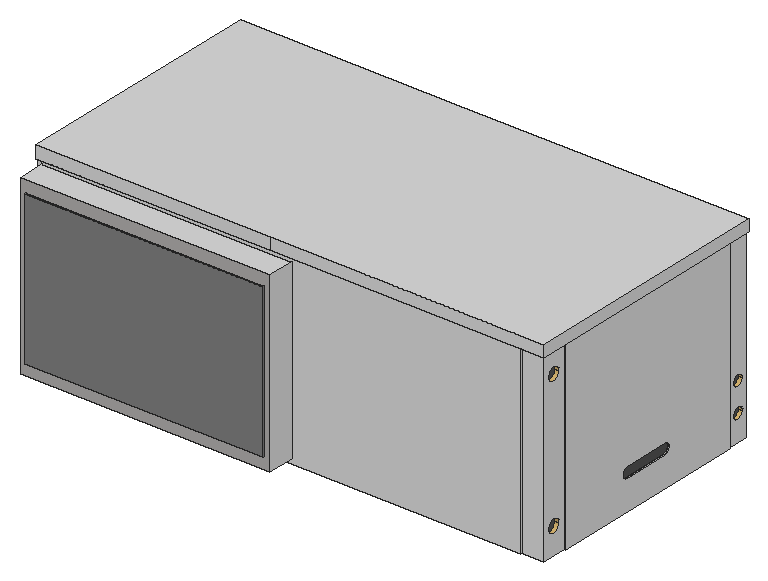
Revit family "Heat Pump-Horizontal-Elec Heated-Carrier-Packaged-0.5-6 tons", category Mechanical Equipment, Revit 2019
Family settings
  Round Connector Dimension = Use Radius
  Part Type = Normal
  OmniClass Number = 23.75.10.21.17
  OmniClass Title = Water-Source Heat Pumps
  Work Plane-Based = No
  Always vertical = Yes
  Cut with Voids When Loaded = No
  Shared = No
  Room Calculation Point = No
Parameters (values of type "50PSH-007")
  Width = 21.750"
  Water Radius = 3/8"
  Water Out Offset = 13.870"
  Water In Offset = 2.250"
  Water Hole Radius = Water Radius + 0.197"  # 0.572"
  Water Diameter = Water Radius * 2  # 3/4"
  Voltage [instance] = 208 V
  URL = "www.carrier.com"
  Tonnage = 0.5
  Supply Air Nominal Capacity [instance] = 0 CFM
  Straight Through [instance] = not(End Blow)  # no
  SEER = 0
  SA Z Offset STRH = 4.620"
  SA Z Offset STLH = 4.620"
  SA Z Offset Label [instance] = if(and(End Blow, Left RA), SA Z Offset STRH + SA Height / 2, if(and(End Blow, Right RA), SA Z Offset STLH + SA Height / 2, if(and(Straight Through, Left RA), SA Z Offset STLH + SA Height / 2, SA Z Offset STRH + SA Height / 2)))  # 8.495"
  SA Y Offset ST = 3.500"
  SA X Offset Label [instance] = if(and(End Blow, Left RA), Width - (SA X Offset EB + SA Width / 2), if(and(End Blow, Right RA), SA X Offset EB + SA Width / 2, Width / 2))  # 12.375"
  SA Y Offset Label [instance] = if(End Blow, 1.000", SA Y Offset ST + SA Width / 2)  # 1.000"
  SA X Offset EB = 3.500"
  SA Width = 11 3/4"
  SA Height = 7 3/4"
  Right RA [instance] = not(Left RA)  # no
  Return Air Flow [instance] = 0 CFM
  RA Y Offset ST = 0.500"
  RA Width = 20 1/4"
  RA Height = 13"
  RA Filter Width = 21.250"
  RA Filter Height = 15.000"
  Power Factor [instance] = 0.8
  Offset [instance] = if(Base Rail Visibility, Base Height, 0.000")  # 0.000"
  Number of Poles [instance] = 1
  Nominal Capacity = 7000.0 Btu/h
  Model = "50PSH"
  Manufacturer = "Carrier Corporation"
  Load Classification [instance] = HVAC
  Rail Thickness = 0.375"  # constant formula
  Length 37 [instance] = if(Left RA, 50.000" - Width / 2 - 1.000", 50.000" + Width / 2)  # 38.125"
  Length 36 [instance] = if(Left RA, 50.000" + Width / 2, 50.000" - Width / 2 - 2.300")  # 60.875"
  Length 5 = RA Filter Width + 4.000"  # 25.250"
  Length 28 [instance] = if(End Blow, 0.000", Width)  # 0.000"
  Length 31 [instance] = if(Left RA, 0.000", Width)  # 0.000"
  Length 35 [instance] = if(Left RA, Length 11, 0.000" - Length 11)  # -0.125"
  Length 34 [instance] = if(Left RA, Length 10, 0.000" - Length 10)  # 21.125"
  Length 13 = 0.000" - Length 16  # -3.875"
  Length 16 = SA Height / 2  # 3.875"
  Length 38 [instance] = if(Straight Through, Width / 2, 1.000")  # 1.000"
  Length 9 = 1.000" + ((Height - 1.000") - RA Filter Height) / 2  # 1.375"
  Length 8 = 1.350"
  Length 7 [instance] = if(Left RA, Length 11, 0.000" - (Length 11))  # -0.125"
  Length 6 [instance] = if(Left RA, Length 10, Length 3)  # 21.125"
  Length 4 = 0.000" - Length 3  # -19.625"
  Length 33 = 2.000"  # constant formula
  Length 32 [instance] = if(Left RA, Length 35 - 1.000", Length 35)  # -1.125"
  Length 30 = Width - 0.200"  # 21.550"
  Length 3 = (Length / 2) - Length 33  # 19.625"
  Length 29 [instance] = if(Left RA, Length 33, RA Y Offset ST)  # 2.000"
  Length 27 [instance] = 0.000" - ((Length / 2) - Length 33)  # -19.625"
  Length 26 [instance] = if(Left RA, RA Y Offset ST, Length 33)  # 0.500"
  Length 25 [instance] = if(Clearance Zones, 0.000", 1.000")  # 1.000"
  Length 24 [instance] = if(Left RA, Width, 0.000")  # 21.750"
  Length 23 [instance] = if(Left RA, Width - Water Hole Radius * 4 - Length 33, Water Hole Radius * 4 + Length 33)  # 17.462"
  Length 22 [instance] = Length 1 * 2  # 2.000"
  Length 21 [instance] = Water Hole Radius * 4  # 2.288"
  Length 20 [instance] = 50.000" - Width / 2 + Length 1  # 40.125"
  Length 2 = Width / 2  # 10.875"
  Length 19 [instance] = 50.000" + Width / 2 - Water Hole Radius * 2  # 59.731"
  Length 18 [instance] = if(Left RA, 1.100", 0.000")  # 1.100"
  Length 17 [instance] = if(Left RA, 0.000", 1.100")  # 0.000"
  Length 15 [instance] = 0.000" - (RA Width - Length 14)  # 0.375"
  Length 14 [instance] = if(Right RA, Length 35 - ((RA Filter Width - RA Width) / 2), Length 34 - ((RA Filter Width - RA Width) / 2))  # 20.625"
  Length 12 = Length 9 + ((RA Filter Height - RA Height) / 2)  # 2.375"
  Length 11 = 0.000" - (RA Filter Width - Length 10)  # -0.125"
  Length 10 = Length / 2 - RA Y Offset ST  # 21.125"
  Length 1 = Knockout Radius + 0.500"  # 1.000"
  Length = 43.250"
  Left RA [instance] = yes
  Knockout Radius = 0.500"
  Knockout 2 Offset = 4.750"
  Knockout 1 Offset = 2.250"
  Highlight Material 4 = Effect - Carrier - Black
  Highlight Material 3 = Metal - Carrier - Brass
  Highlight Material 2 = Metal - Carrier - Steel Galvanized
  Highlight Material 1 = Metal - Carrier - Finned
  Height = 16.750"
  Heating Capacity = 8800.0 Btu/h
  End Blow [instance] = yes
  EER = 15.7
  Drain Radius = 3/8"
  Drain Offset = 1.000"
  Drain Hole Radius = Drain Radius + 0.197"  # 0.572"
  Drain Diameter = Drain Radius * 2  # 3/4"
  Cooling Capacity = 6800.0 Btu/h
  Clearance Zones [instance] = no
  Clearance Top [instance] = 6.000"
  Clearance Right [instance] = 6.000"
  Clearance Material = Clearance Zone
  Clearance Left [instance] = 6.000"
  Clearance Front [instance] = 36.000"
  Clearance Back [instance] = 6.000"
  Base Rail Visibility [instance] = and(Base Rail, Tonnage > 2.4)  # no
  Base Rail [instance] = yes
  Base Height = 0.750"
  Body Material = Metal - Carrier - White Paint Finish
  Assembly Code = "D3050200"
  Apparent Load [instance] = 0 VA
  Angle 3 [instance] = if(and(Straight Through, Left RA), 0.00°, if(and(Straight Through, Right RA), 180.00°, 90.00°))  # 90.00°
  Angle 2 [instance] = if(Straight Through, 0.00°, 180.00°)  # 180.00°
  Angle 1 [instance] = if(Left RA, 0.00°, 180.00°)  # 0.00°
  Air Pressure Drop [instance] = 0.00 in-wg
Reference planes (in)
  plane 1 "Center (Front/Back)": y = 0
  plane 2: z = 0
  plane 3 "Center (Left/Right)": x = 0
  plane 4 "Back": x = -21.625
  plane 5 "Front": x = 21.625
  plane 6 "Right": y = 10.875
  plane 7 "Left": y = -10.875
  plane 8 "Bottom": z = 0
  plane 9 "Top": z = 16.75
  plane 10 "lid top": z = 16.65
  plane 11 "handle 1 top": z = 3.5
  plane 12 "handle 1 bottom": z = 2.5
  plane 13 "frame right": y = 8.875
  plane 14 "frame left": y = -8.587
  plane 15 "body right": y = 10.775
  plane 16 "body left": y = -10.775
  plane 17 "body back": x = -21.525
  plane 18: x = 21.525
  plane 19 "elec KO 1 cl": z = 2.25
  plane 20 "elec KO 2": z = 4.75
  plane 21: y = -2
  plane 22: y = 2
  plane 23 "water in cl": z = 2.25
  plane 24 "drain cl": z = 1.3
  plane 25 "wtaer out cl": z = 13.87
  plane 26 "pivot": y = 50
  plane 27 "clearance right": y = 16.875
  plane 28 "clearance left": y = -16.875
  plane 29: x = 57.625
  plane 30: x = -27.625
  plane 31 "clearance top": z = 22.75
  plane 32 "drain x cl": y = -6.587
  plane 33 "drain z cl": z = 1.3
  plane 34 "bracket top btm": z = 0.65
  plane 35 "bracket top": z = 0.75
  plane 36 "bracket bottom": z = 0
  plane 37 "body top": z = 15.65
  plane 38 "sa y cl": x = -20.625
  plane 39 "sa x cl": y = 1.5
  plane 40 "sa z cl": z = 8.255
  plane 41 "ra dummy": y = -10.875
  plane 42 "sa dummy ST": y = 10.875
  plane 43: z = 8.255
  plane 44 "water connection dummy": y = -10.875
  plane 45 "elec knockout dummy cl": y = 10.875
  plane 46: z = 8.255
  plane 47: z = 8.495
  plane 48: y = -10.875
  plane 49: y = 10.875
  plane 50: x = -21.625
  plane 51: x = 21.625
  plane 52: z = 16.75
  plane 53: z = 8.03922
  plane 54: y = 1.5
  plane 55 "water cl": y = -9.731
  plane 56 "elec ko cl": y = 9.875
  plane 57: y = 8.587
  plane 58: z = 8.255
  plane 59 "base bottom": z = -0.75
Forms (in)
  Extrusion 1, solid, material "Metal - Carrier - White Paint Finish" <- "Body Material", detail levels medium+fine
    sketch origin (0, 0, 0) x (1, 0, 0) y (0, 1, 0)
      loop
        line (-21.525, 10.775) -> (-21.525, -10.775) -> (21.525, -10.775) -> (21.525, 10.775) -> (-21.525, 10.775)
    from 0 to 15.65
  Extrusion 2, solid, material "Metal - Carrier - White Paint Finish" <- "Body Material", detail levels fine
    sketch origin (0, 0, 0) x (1, 0, 0) y (0, 0, 1)
      loop
        line (21.525, 15.65) -> (21.525, 0) -> (21.625, 0) -> (21.625, 15.65) -> (21.525, 15.65)
    from -8.875 to 8.587
  Extrusion 3, void
    sketch origin (21.625, 48.47996, 48) x (0, 1, 0) y (0, 0, 1)
      loop
        arc (-50.47996, -44.5) -> (-50.97996, -45) -> (-50.47996, -45.5) r 0.5
        line (-50.47996, -45.5) -> (-46.47996, -45.5)
        arc (-46.47996, -45.5) -> (-45.97996, -45) -> (-46.47996, -44.5) r 0.5
        line (-46.47996, -44.5) -> (-50.47996, -44.5)
    from 0 to -0.25
  Extrusion 4, solid, material "Metal - Carrier - White Paint Finish" <- "Body Material", detail levels medium+fine
    sketch origin (0, 0, 16.75) x (0, -1, 0) y (0, 0, 1)
      loop
        line (13.175, -1.375) -> (10.875, -1.375) -> (10.875, -16.375) -> (13.175, -16.375) -> (13.175, -1.375)
    from 21.125 <- "Length 34" to -0.125 <- "Length 35"
  Extrusion 5, solid, material "Metal - Carrier - Finned" <- "Highlight Material 1", detail levels fine
    sketch origin (0, 0, 16.75) x (0, -1, 0) y (0, 0, 1)
      loop
        line (13.275, -2.375) -> (13.175, -2.375) -> (13.175, -15.375) -> (13.275, -15.375) -> (13.275, -2.375)
    from 20.625 <- "Length 14" to 0.375 <- "Length 15"
  Extrusion 6, solid, detail levels coarse
    sketch origin (0, 0, 0) x (1, 0, 0) y (0, 1, 0)
      loop
        line (-21.625, 10.875) -> (-21.625, -10.875) -> (21.625, -10.875) -> (21.625, 10.875) -> (-21.625, 10.875)
    from 0 to 16.75
  Extrusion 7, solid, detail levels coarse
    sketch origin (0, 0, 16.75) x (0, -1, 0) y (0, 0, 1)
      loop
        line (13.175, -1.375) -> (10.875, -1.375) -> (10.875, -16.375) -> (13.175, -16.375) -> (13.175, -1.375)
    from 21.125 <- "Length 34" to -0.125 <- "Length 35"
  Extrusion 8, void
    sketch origin (-21.625, 0, 0) x (0, 1, 0) y (0, 0, 1)
      loop
        circle (-6.587, 1.3) r 0.572
    from 0 to 0.5
  Extrusion 9, solid, material "Metal - Carrier - White Paint Finish" <- "Body Material", detail levels medium+fine
    sketch origin (0, 0, 0) x (1, 0, 0) y (0, 1, 0)
      loop
        line (-21.625, 10.875) -> (-21.625, -10.875) -> (-1.73387, -10.875) -> (21.625, -10.875) -> (21.625, 10.875) -> (-2.60341, 10.875) -> (-21.625, 10.875)
    from 15.65 to 16.65
  Extrusion 10, solid, material "Metal - Carrier - White Paint Finish" <- "Body Material", detail levels medium+fine
    sketch origin (-20.625, 1.5, 8.255) x (-1, 0, 0) y (0, -1, 0)
      loop
        line (2, 5.875) -> (1, 5.875) -> (1, -5.875) -> (2, -5.875) -> (2, 5.875)
    from -3.875 <- "Length 13" to 3.875 <- "Length 16"
  Extrusion 11, solid, material "Clearance Zone" <- "Clearance Material", visible <- "Clearance Zones"
    sketch origin (0, 0, 0) x (1, 0, 0) y (0, 1, 0)
      loop
        line (-20.625, 16.875) -> (-20.625, 9.875) -> (-27.625, 9.875) -> (-27.625, -9.875) -> (-20.625, -9.875) -> (-20.625, -16.875) -> (20.625, -16.875) -> (20.625, -9.875) -> (57.625, -9.875) -> (57.625, 9.875) -> (20.625, 9.875) -> (20.625, 16.875) -> (-20.625, 16.875)
    from 0 to 22.75
  Extrusion 12, solid, detail levels coarse
    sketch origin (-20.625, 1.5, 8.255) x (-1, 0, 0) y (0, -1, 0)
      loop
        line (2, 5.875) -> (1, 5.875) -> (1, -5.875) -> (2, -5.875) -> (2, 5.875)
    from -3.875 <- "Length 13" to 3.875 <- "Length 16"
  Extrusion 13, void
    sketch origin (21.625, 48.47996, 48) x (0, 1, 0) y (0, 0, 1)
      loop
        circle (-58.21096, -45.75) r 0.572
      loop
        circle (-58.21096, -34.13) r 0.572
      loop
        circle (-38.60496, -43.25) r 0.5
      loop
        circle (-38.60496, -45.75) r 0.5
    from 0 to -0.5
  Extrusion 14, solid, material "Metal - Carrier - White Paint Finish" <- "Body Material", detail levels fine
    sketch origin (0, 0, 0) x (1, 0, 0) y (0, 0, 1)
      loop
        line (-21.625, 15.65) -> (-21.625, 0) -> (-21.525, 0) -> (-21.525, 15.65) -> (-21.625, 15.65)
    from -8.587 to 8.587
  Extrusion 15, solid, material "Metal - Carrier - White Paint Finish" <- "Body Material", detail levels fine
    sketch origin (0, 0, 0) x (1, 0, 0) y (0, 1, 0)
      loop
        line (-19.625, 10.775) -> (19.625, 10.775) -> (19.625, 10.875) -> (-19.625, 10.875) -> (-19.625, 10.775)
      loop
        line (-21.125, -10.875) -> (19.625, -10.875) -> (19.625, -10.775) -> (-21.125, -10.775) -> (-21.125, -10.875)
    from 0 to 15.65
  Sweep 16, solid, material "Metal - Carrier - Steel Galvanized" <- "Highlight Material 2", visible <- "Base Rail Visibility", detail levels fine
    path origin (0, 0, -0.75) x (-1, 0, 0) y (0, -1, 0)
      loop
        line (21.25, -10.5) -> (21.25, 10.5) -> (-21.25, 10.5) -> (-21.25, -10.5) -> (21.25, -10.5)
    profile origin (0, 10.5, -0.75) x (0, 1, 0) y (0, 0, 1)
      loop
        line (0, 0.75) -> (0, 0) -> (0.375, 0) -> (0.375, 0.1) -> (0.1, 0.1) -> (0.1, 0.65) -> (0.375, 0.65) -> (0.375, 0.75) -> (0, 0.75)
  Extrusion 17, solid, material "Metal - Carrier - Steel Galvanized" <- "Highlight Material 2", visible <- "Base Rail Visibility", detail levels medium
    sketch origin (0, 0, -0.75) x (-1, 0, 0) y (0, -1, 0)
      loop
        line (21.625, -10.875) -> (21.625, 10.875) -> (-21.625, 10.875) -> (-21.625, -10.875) -> (21.625, -10.875)
    from 0 to 0.75 <- "Base Height"
  Extrusion 18, solid, visible <- "Base Rail Visibility", detail levels coarse
    sketch origin (0, 0, -0.75) x (-1, 0, 0) y (0, -1, 0)
      loop
        line (21.625, -10.875) -> (21.625, 10.875) -> (-21.625, 10.875) -> (-21.625, -10.875) -> (21.625, -10.875)
    from 0 to 0.75 <- "Base Height"
Cuts and joins
  Extrusion 3, Extrusion 8 cuts Extrusion 2
  Extrusion 3, Extrusion 8, Extrusion 13 cuts Extrusion 1
  Extrusion 8 cuts Extrusion 14
Lines and regions (in)
  Masking region 1
    outline origin (0, 0, 16.75) x (0, -1, 0) y (1, 0, 0)
      loop
        line (10.875, 0.125) -> (10.875, -21.125) -> (13.175, -21.125) -> (13.175, 0.125) -> (10.875, 0.125)
  Masking region 2
    outline origin (0, 0, 16.65) x (0, -1, 0) y (1, 0, 0)
      loop
        line (10.875, 21.625) -> (-10.875, 21.625) -> (-10.875, -21.625) -> (10.875, -21.625) -> (10.875, 21.625)
  Masking region 3, detail levels coarse
    outline origin (0, 0, 0) x (0, 1, 0) y (0, 0, 1)
      loop
        line (-10.875, 0) -> (10.875, 0) -> (10.875, 16.75) -> (-10.875, 16.75) -> (-10.875, 0)
  Masking region 4, detail levels medium+fine
    outline origin (0, 0, 0) x (0, 1, 0) y (0, 0, 1)
      loop
        line (10.775, 16.65) -> (-10.775, 16.65) -> (-10.775, 0) -> (10.775, 0) -> (10.775, 16.65)
  Masking region 5, detail levels fine
    outline origin (0, 0, 0) x (0, 1, 0) y (0, 0, 1)
      loop
        line (-10.775, 15.65) -> (-10.875, 15.65) -> (-10.875, 0) -> (-10.775, 0) -> (-10.775, 15.65)
      loop
        line (10.775, 15.65) -> (10.775, 0) -> (10.875, 0) -> (10.875, 15.65) -> (10.775, 15.65)
  Masking region 6, detail levels coarse
    outline origin (0, 0, 0) x (1, 0, 0) y (0, 0, 1)
      loop
        line (-21.625, 16.75) -> (-21.625, 0) -> (21.625, 0) -> (21.625, 16.75) -> (-21.625, 16.75)
  Masking region 7, detail levels fine
    outline origin (0, 0, 0) x (1, 0, 0) y (0, 0, 1)
      loop
        line (-21.625, 15.65) -> (-21.625, 0) -> (-21.525, 0) -> (-21.525, 15.65) -> (-21.625, 15.65)
      loop
        line (21.625, 0) -> (21.625, 15.65) -> (21.525, 15.65) -> (21.525, 0) -> (21.625, 0)
  Masking region 8
    outline origin (-20.625, 1.5, 8.255) x (-1, 0, 0) y (0, -1, 0)
      loop
        line (1, -5.875) -> (2, -5.875) -> (2, 5.875) -> (1, 5.875) -> (1, -5.875)
  Masking region 9, detail levels medium+fine
    outline origin (0, 0, 0) x (1, 0, 0) y (0, 0, 1)
      loop
        line (-21.525, 15.65) -> (-21.525, 0) -> (21.525, 0) -> (21.525, 15.65) -> (-21.525, 15.65)
  Masking region 10, visible <- "End Blow"
    outline origin (0, 0, 0) x (1, 0, 0) y (0, 0, 1)
      loop
        line (-22.625, 12.13) -> (-22.625, 4.38) -> (-21.625, 4.38) -> (-21.625, 12.13) -> (-22.625, 12.13)
  Masking region 11, detail levels fine
    outline origin (0, -10.875, 0) x (-1, 0, 0) y (0, 0, 1)
      loop
        line (19.625, 16.75) -> (-1.625, 16.75) -> (-1.625, 0) -> (19.625, 0) -> (19.625, 16.75)
      loop
        line (-2.625, 15.65) -> (-19.625, 15.65) -> (-19.625, 0) -> (-2.625, 0) -> (-2.625, 15.65)
  Masking region 12, detail levels fine
    outline origin (0, 10.875, 0) x (-1, 0, 0) y (0, 0, 1)
      loop
        line (19.625, 15.65) -> (2.267, 15.65) -> (2.267, 0) -> (19.625, 0) -> (19.625, 15.65)
      loop
        line (0.267, 15.65) -> (-19.625, 15.65) -> (-19.625, 0) -> (0.267, 0) -> (0.267, 15.65)
  Masking region 13
    outline origin (0, 0, 0) x (0, 1, 0) y (0, 0, 1)
      loop
        line (-13.175, 15.375) -> (-13.175, 0.375) -> (-10.875, 0.375) -> (-10.875, 15.375) -> (-13.175, 15.375)
  Masking region 14, visible <- "Straight Through"
    outline origin (0, 0, 0) x (0, 1, 0) y (0, 0, 1)
      loop
        line (10.875, 12.37) -> (10.875, 4.62) -> (11.875, 4.62) -> (11.875, 12.37) -> (10.875, 12.37)
  Masking region 15, detail levels medium+fine
    outline origin (0, 0, 0) x (1, 0, 0) y (0, 0, 1)
      loop
        line (21.625, 16.65) -> (-21.625, 16.65) -> (-21.625, 15.65) -> (21.625, 15.65) -> (21.625, 16.65)
  Masking region 16, detail levels coarse+medium
    outline origin (0, 0, 0) x (0, 1, 0) y (0, 0, 1)
      loop
        line (-10.875, 0) -> (-10.875, -0.75) -> (10.875, -0.75) -> (10.875, 0) -> (-10.875, 0)
  Masking region 17, visible <- "Base Rail Visibility", detail levels fine
    outline origin (0, 0, 0) x (0, 1, 0) y (0, 0, 1)
      loop
        line (10.875, 0) -> (-10.875, 0) -> (-10.875, -0.1) -> (-10.6, -0.1) -> (-10.6, -0.65) -> (-10.875, -0.65) -> (-10.875, -0.75) -> (10.875, -0.75) -> (10.875, -0.65) -> (10.6, -0.65) -> (10.6, -0.1) -> (10.875, -0.1) -> (10.875, 0)
  Masking region 18, visible <- "Base Rail Visibility", detail levels coarse+medium
    outline origin (0, 10.875, 0) x (-1, 0, 0) y (0, 0, 1)
      loop
        line (21.625, 0) -> (-21.625, 0) -> (-21.625, -0.75) -> (21.625, -0.75) -> (21.625, 0)
  Masking region 19, visible <- "Base Rail Visibility", detail levels fine
    outline origin (0, 10.875, 0) x (-1, 0, 0) y (0, 0, 1)
      loop
        line (-21.625, 0) -> (-21.625, -0.1) -> (-21.35, -0.1) -> (-21.35, -0.65) -> (-21.625, -0.65) -> (-21.625, -0.75) -> (21.625, -0.75) -> (21.625, -0.65) -> (21.35, -0.65) -> (21.35, -0.1) -> (21.625, -0.1) -> (21.625, 0) -> (-21.625, 0)
  reference lines, not visible
    curve 1: line (0, 0, 16.75) -> (0, -10.875, 16.75)
    curve 26: line (-20.625, 1.5, 8.255) -> (-21.625, 1.5, 8.255)
  symbolic lines, detail levels medium+fine
    curve 2: line (21.625, 2, 2.5) -> (21.625, -2, 2.5)
    curve 3: arc (21.625, -2, 2.5) -> (21.625, -2.5, 3) -> (21.625, -2, 3.5) r 0.5
    curve 4: line (21.625, -2, 3.5) -> (21.625, 2, 3.5)
    curve 5: arc (21.625, 2, 3.5) -> (21.625, 2.5, 3) -> (21.625, 2, 2.5) r 0.5
    curve 31: line (0, -10.775, 15.65) -> (0, 10.775, 15.65)
    curve 32: circle (-23.275, -6.587, 1.3) r 0.572 normal (1, 0, 0)
  symbolic lines, style "Clearance Zones", visible <- "Clearance Zones"
    curve 6: line (-27.625, 9.875, 16.75) -> (-20.625, 9.875, 16.75)
    curve 7: line (-20.625, 9.875, 16.75) -> (-20.625, 16.875, 16.75)
    curve 8: line (-20.625, 16.875, 16.75) -> (20.625, 16.875, 16.75)
    curve 9: line (20.625, 16.875, 16.75) -> (20.625, 9.875, 16.75)
    curve 10: line (20.625, 9.875, 16.75) -> (57.625, 9.875, 16.75)
    curve 11: line (57.625, 9.875, 16.75) -> (57.625, -9.875, 16.75)
    curve 12: line (57.625, -9.875, 16.75) -> (20.625, -9.875, 16.75)
    curve 13: line (20.625, -9.875, 16.75) -> (20.625, -16.875, 16.75)
    curve 14: line (20.625, -16.875, 16.75) -> (-20.625, -16.875, 16.75)
    curve 15: line (-20.625, -16.875, 16.75) -> (-20.625, -9.875, 16.75)
    curve 16: line (-20.625, -9.875, 16.75) -> (-27.625, -9.875, 16.75)
    curve 17: line (-27.625, -9.875, 16.75) -> (-27.625, 9.875, 16.75)
    curve 18: line (-27.625, -12, 0) -> (-27.625, -12, 22.75)
    curve 19: line (-27.625, -12, 22.75) -> (57.625, -12, 22.75)
    curve 20: line (57.625, -12, 22.75) -> (57.625, -12, 0)
    curve 21: line (-27.625, -12, 0) -> (57.625, -12, 0)
    curve 22: line (0, 16.875, 22.75) -> (0, -16.875, 22.75)
    curve 23: line (0, 16.875, 0) -> (0, 16.875, 22.75)
    curve 24: line (0, -16.875, 0) -> (0, 16.875, 0)
    curve 25: line (0, -16.875, 22.75) -> (0, -16.875, 0)
  symbolic lines, style "MechanicalEquipment", visible <- "Straight Through"
    curve 27: line (-18.125, 10.875, 12.13) -> (-6.375, 10.875, 12.13)
    curve 28: line (-18.125, 10.875, 4.38) -> (-18.125, 10.875, 12.13)
    curve 29: line (-6.375, 10.875, 4.38) -> (-18.125, 10.875, 4.38)
    curve 30: line (-6.375, 10.875, 12.13) -> (-6.375, 10.875, 4.38)
  symbolic lines, visible <- "End Blow"
    curve 33: line (-23.275, -4.375, 12.13) -> (-23.275, 7.375, 12.13)
    curve 34: line (-23.275, -4.375, 4.38) -> (-23.275, -4.375, 12.13)
    curve 35: line (-23.275, 7.375, 4.38) -> (-23.275, -4.375, 4.38)
    curve 36: line (-23.275, 7.375, 12.13) -> (-23.275, 7.375, 4.38)
  symbolic lines, detail levels fine
    curve 37: line (0, -8.587, 15.65) -> (0, -8.587, 0)
    curve 38: line (0, 8.875, 15.65) -> (0, 8.875, 0)
    curve 39: line (-19.625, -10.875, 16.65) -> (1.625, -10.875, 16.65)
    curve 40: line (-19.625, -10.875, 1.375) -> (1.625, -10.875, 1.375)
    curve 41: line (-19.625, -10.875, 14.375) -> (1.625, -10.875, 14.375)
    curve 42: circle (21.625, -9.731, 13.87) r 0.572 normal (1, 0, 0)
    curve 43: circle (21.625, -9.731, 2.25) r 0.572 normal (1, 0, 0)
    curve 44: circle (21.625, 9.875, 4.75) r 0.5 normal (1, 0, 0)
    curve 45: circle (21.625, 9.875, 2.25) r 0.5 normal (1, 0, 0)
  symbolic lines, visible <- "Base Rail Visibility", detail levels fine
    curve 46: line (0, -10.5, -0.1) -> (0, 10.6, -0.1)
    curve 47: line (0, -10.5, -0.65) -> (0, 10.6, -0.65)
    curve 48: line (-21.35, 10.875, -0.1) -> (21.35, 10.875, -0.1)
    curve 49: line (-21.35, 10.875, -0.65) -> (21.35, 10.875, -0.65)
Dimensions and locks (in)
  equal spacing: plane 4 "Back", plane 3 "Center (Left/Right)", plane 5 "Front"
  "Length": plane 4 "Back" to plane 5 "Front"
  equal spacing: plane 6 "Right", plane 1 "Center (Front/Back)", plane 7 "Left"
  "Width": plane 6 "Right" to plane 7 "Left"
  "Height": plane 9 "Top" to plane 8 "Bottom"
  "Offset": plane 8 "Bottom" to level
  locked: plane 9 "Top" to plane 10 "lid top" at 0.1
  locked: plane 11 "handle 1 top" to plane 12 "handle 1 bottom" at 1
  locked: plane 6 "Right" to plane 15 "body right" at 0.1
  locked: plane 16 "body left" to plane 7 "Left" at 0.1
  locked: plane 4 "Back" to plane 17 "body back" at 0.1
  locked: plane 18 to plane 5 "Front" at 0.1
  "Knockout 1 Offset": plane 19 "elec KO 1 cl" to plane 8 "Bottom"
  "Knockout 2 Offset": plane 20 "elec KO 2" to plane 8 "Bottom"
  locked: plane 1 "Center (Front/Back)" to plane 22 at 2
  locked: plane 21 to plane 1 "Center (Front/Back)" at 2
  "Water In Offset": plane 23 "water in cl" to plane 8 "Bottom"
  "Water Out Offset": plane 25 "wtaer out cl" to plane 8 "Bottom"
  "Length 2": curve 1 to curve 1
  locked: Extrusion 4 sketch curve to Extrusion 4 sketch curve at 2.3
  "Length 9": curve 1 to Extrusion 4 sketch curve
  "RA Filter Height": Extrusion 4 sketch curve to Extrusion 4 sketch curve
  locked: Extrusion 5 sketch curve to Extrusion 5 sketch curve at 0.1
  "Length 12": curve 1 to Extrusion 5 sketch curve
  "RA Height": Extrusion 5 sketch curve to Extrusion 5 sketch curve
  locked: curve 1 to Extrusion 5 sketch curve at 2.3
  locked: Extrusion 7 sketch curve to Extrusion 7 sketch curve at 2.3
  "RA Filter Height": Extrusion 7 sketch curve to Extrusion 7 sketch curve
  "Length 9": Extrusion 7 sketch curve to curve 1
  locked: plane 1 "Center (Front/Back)" to plane 26 "pivot" at 50  (x2)
  "Length 25": curve 6 to plane 6 "Right"
  "Length 25": curve 16 to plane 7 "Left"
  "Clearance Back": plane 30 to plane 50
  "Clearance Front": plane 51 to plane 29
  "Clearance Left": plane 48 to plane 28 "clearance left"
  "Clearance Right": plane 27 "clearance right" to plane 49
  "Clearance Top": plane 31 "clearance top" to plane 52
  "Length 25": plane 4 "Back" to curve 7
  "Length 25": curve 9 to plane 5 "Front"
  locked: plane 12 "handle 1 bottom" to plane 8 "Bottom" at 2.5
  locked: plane 33 "drain z cl" to plane 8 "Bottom" at 1.3
  "Length 23": plane 6 "Right" to plane 32 "drain x cl"
  locked: plane 35 "bracket top" to plane 34 "bracket top btm" at 0.1
  "Base Height": plane 35 "bracket top" to plane 36 "bracket bottom"
  "SA Y Offset Label": plane 4 "Back" to plane 38 "sa y cl"
  "SA X Offset Label": plane 39 "sa x cl" to plane 7 "Left"
  "Length 38": curve 26 to curve 26
  "SA Z Offset Label": plane 9 "Top" to plane 40 "sa z cl"
  equal spacing: Extrusion 10 sketch curve, curve 26, Extrusion 10 sketch curve
  "SA Width": Extrusion 10 sketch curve to Extrusion 10 sketch curve
  locked: Extrusion 10 sketch curve to Extrusion 10 sketch curve at 1
  equal spacing: Extrusion 12 sketch curve, curve 26, Extrusion 12 sketch curve
  "SA Width": Extrusion 12 sketch curve to Extrusion 12 sketch curve
  locked: Extrusion 12 sketch curve to Extrusion 12 sketch curve at 1
  "Length 31": plane 41 "ra dummy" to plane 7 "Left"
  "Length 31": plane 6 "Right" to plane 42 "sa dummy ST"
  "SA Height": curve 27 to curve 29
  equal spacing: curve 27, plane 43, curve 29
  "SA Z Offset Label": plane 9 "Top" to plane 43
  "SA Y Offset ST": curve 28 to plane 4 "Back"
  "SA Width": curve 28 to curve 30
  "Length 28": plane 44 "water connection dummy" to plane 7 "Left"
  "Length 28": plane 6 "Right" to plane 45 "elec knockout dummy cl"
  locked: Masking region 10 sketch curve to Masking region 10 sketch curve at 1
  "SA Height": Masking region 10 sketch curve to Masking region 10 sketch curve
  equal spacing: Masking region 10 sketch curve, plane 46, Masking region 10 sketch curve
  "SA Z Offset Label": plane 9 "Top" to plane 46
  "RA Filter Width": Masking region 11 sketch curve to Masking region 11 sketch curve
  locked: Masking region 11 sketch curve to Masking region 11 sketch curve at 1
  "Length 33": Masking region 12 sketch curve to plane 4 "Back"
  "Length 33": Masking region 12 sketch curve to plane 5 "Front"
  locked: Masking region 13 sketch curve to Masking region 13 sketch curve at 2.3
  "Length 9": Masking region 13 sketch curve to plane 9 "Top"
  "RA Filter Height": Masking region 13 sketch curve to Masking region 13 sketch curve
  "Length 36": Masking region 13 sketch curve to plane 26 "pivot"
  equal spacing: Masking region 14 sketch curve, plane 47, Masking region 14 sketch curve
  "SA Height": Masking region 14 sketch curve to Masking region 14 sketch curve
  locked: Masking region 14 sketch curve to Masking region 14 sketch curve at 1
  "SA Z Offset Label": plane 47 to plane 8 "Bottom"
  "Length 37": Masking region 14 sketch curve to plane 26 "pivot"
  "SA Width": curve 34 to curve 36
  "SA Height": curve 35 to curve 33
  equal spacing: curve 34, plane 54, curve 36
  "SA X Offset Label": plane 7 "Left" to plane 54
  locked: plane 10 "lid top" to plane 37 "body top" at 1
  "Length 33": Masking region 11 sketch curve to plane 5 "Front"
  "Length 22": plane 49 to plane 13 "frame right"
  "Length 21": plane 14 "frame left" to plane 48
  locked: plane 36 "bracket bottom" to plane 8 "Bottom" at 0
  "Length 19": plane 55 "water cl" to plane 26 "pivot"
  "Length 20": plane 56 "elec ko cl" to plane 26 "pivot"
  locked: Extrusion 14 sketch curve to Extrusion 14 sketch curve at 0.1
  "Length 21": plane 49 to plane 57
  equal spacing: curve 33, plane 58, curve 35
  "SA Z Offset Label": plane 9 "Top" to plane 58
  "Length 33": Masking region 11 sketch curve to plane 4 "Back"
  "RA Height": curve 41 to curve 40
  "Length 12": plane 9 "Top" to curve 41
  "Length 33": Extrusion 15 sketch curve to plane 5 "Front"
  "Length 29": plane 4 "Back" to Extrusion 15 sketch curve
  "Length 26": plane 4 "Back" to Extrusion 15 sketch curve
  "Base Height": plane 8 "Bottom" to plane 59 "base bottom"
  "Rail Thickness": Sweep 16 sketch curve to plane 6 "Right"
  "Rail Thickness": Sweep 16 sketch curve to plane 7 "Left"
  "Rail Thickness": plane 4 "Back" to Sweep 16 sketch curve
  "Rail Thickness": Sweep 16 sketch curve to plane 5 "Front"
  locked: Sweep 16 sketch curve to Sweep 16 sketch curve at 0.1  (x3)
  locked: Masking region 17 sketch curve to Masking region 17 sketch curve at 0.1  (x2)
  locked: Masking region 19 sketch curve to Masking region 19 sketch curve at 0.1  (x2)
  "Drain Hole Radius": radius of Extrusion 8 sketch curve
  "Water Hole Radius": radius of Extrusion 13 sketch curve  (x2)
  "Knockout Radius": radius of Extrusion 13 sketch curve  (x2)
  "Angle 1": angle plane 3 "Center (Left/Right)" to curve 1
  "Angle 3": angle plane 38 "sa y cl" to curve 26
  aligned and locked: plane 2 to level
  aligned and locked: Extrusion 1 sketch curve to plane 15 "body right"
  aligned and locked: Extrusion 1 sketch curve to plane 16 "body left"
  aligned and locked: Extrusion 1 sketch curve to plane 18
  aligned and locked: Extrusion 1 sketch curve to plane 17 "body back"
  aligned and locked: Extrusion 1 to plane 8 "Bottom"
  aligned and locked: Extrusion 2 sketch curve to plane 18
  aligned and locked: plane 8 "Bottom" to Extrusion 2 sketch curve
  aligned and locked: plane 5 "Front" to Extrusion 2 sketch curve
  aligned and locked: plane 13 "frame right" to Extrusion 2
  aligned and locked: Extrusion 2 to plane 14 "frame left"
  aligned and locked: Extrusion 3 sketch curve to plane 11 "handle 1 top"
  aligned and locked: Extrusion 3 sketch curve to plane 12 "handle 1 bottom"
  aligned and locked: Extrusion 3 sketch curve to plane 21  (x2)
  aligned and locked: Extrusion 3 sketch curve to plane 22  (x2)
  aligned and locked: plane 1 "Center (Front/Back)" to curve 1
  aligned and locked: plane 3 "Center (Left/Right)" to curve 1
  aligned and locked: curve 1 to Extrusion 4 sketch curve
  aligned and locked: Extrusion 6 sketch curve to plane 4 "Back"
  aligned and locked: Extrusion 6 sketch curve to plane 6 "Right"
  aligned and locked: Extrusion 6 sketch curve to plane 5 "Front"
  aligned and locked: Extrusion 6 sketch curve to plane 7 "Left"
  aligned and locked: Extrusion 6 to plane 8 "Bottom"
  aligned and locked: plane 9 "Top" to Extrusion 6
  aligned and locked: Extrusion 7 to Masking region 1 sketch curve  (x2)
  aligned and locked: Masking region 1 sketch curve to Extrusion 7  (x2)
  aligned and locked: Masking region 3 sketch curve to Extrusion 6  (x4)
  aligned and locked: Masking region 4 sketch curve to cut or joined group of Extrusion 1, Extrusion 3, Extrusion 8, Extrusion 13  (x3)
  aligned and locked: curve 3 to cut or joined group of Extrusion 2, Extrusion 3, Extrusion 8
  aligned and locked: curve 5 to cut or joined group of Extrusion 2, Extrusion 3, Extrusion 8
  aligned and locked: plane 6 "Right" to Masking region 5 sketch curve
  aligned and locked: Masking region 5 sketch curve to plane 15 "body right"
  aligned and locked: Masking region 5 sketch curve to plane 16 "body left"
  aligned and locked: plane 7 "Left" to Masking region 5 sketch curve
  aligned and locked: Masking region 6 sketch curve to Extrusion 6  (x4)
  aligned and locked: curve 6 to curve 10
  aligned and locked: curve 12 to curve 16
  aligned and locked: curve 8 to plane 27 "clearance right"
  aligned and locked: plane 28 "clearance left" to curve 14
  aligned and locked: curve 11 to plane 29
  aligned and locked: plane 30 to curve 17
  aligned and locked: curve 15 to curve 7
  aligned and locked: curve 9 to curve 13
  aligned and locked: curve 20 to plane 8 "Bottom"
  aligned and locked: plane 8 "Bottom" to curve 18
  aligned and locked: plane 30 to curve 18
  aligned and locked: curve 19 to plane 31 "clearance top"
  aligned and locked: curve 20 to plane 29
  aligned and locked: plane 28 "clearance left" to curve 25
  aligned and locked: curve 23 to plane 27 "clearance right"
  aligned and locked: curve 22 to plane 31 "clearance top"
  aligned and locked: plane 8 "Bottom" to Masking region 5 sketch curve
  aligned and locked: Masking region 5 sketch curve to plane 8 "Bottom"
  aligned and locked: Extrusion 8 sketch curve to plane 33 "drain z cl"
  aligned and locked: plane 32 "drain x cl" to Extrusion 8 sketch curve
  aligned and locked: cut or joined group of Extrusion 1, Extrusion 3, Extrusion 8, Extrusion 13 to plane 37 "body top"
  aligned and locked: plane 37 "body top" to Extrusion 9
  aligned and locked: plane 10 "lid top" to Extrusion 9
  aligned and locked: curve 26 to plane 39 "sa x cl"
  aligned and locked: curve 26 to plane 38 "sa y cl"
  aligned and locked: Extrusion 10 sketch curve to curve 26
  aligned and locked: Masking region 8 sketch curve to Extrusion 10  (x4)
  aligned and locked: Extrusion 11 sketch curve to curve 8
  aligned and locked: Extrusion 11 sketch curve to curve 9
  aligned and locked: Extrusion 11 sketch curve to curve 10
  aligned and locked: Extrusion 11 sketch curve to curve 11
  aligned and locked: Extrusion 11 sketch curve to curve 12
  aligned and locked: Extrusion 11 sketch curve to curve 13
  aligned and locked: Extrusion 11 sketch curve to curve 14
  aligned and locked: Extrusion 11 sketch curve to curve 15
  aligned and locked: Extrusion 11 sketch curve to curve 16
  aligned and locked: Extrusion 11 sketch curve to curve 17
  aligned and locked: Extrusion 11 sketch curve to curve 6
  aligned and locked: Extrusion 11 sketch curve to curve 7
  aligned and locked: plane 31 "clearance top" to Extrusion 11
  aligned and locked: Extrusion 11 to plane 8 "Bottom"
  aligned and locked: plane 8 "Bottom" to Masking region 9 sketch curve
  aligned and locked: plane 17 "body back" to Masking region 9 sketch curve
  aligned and locked: Masking region 9 sketch curve to plane 18
  aligned and locked: Masking region 10 sketch curve to plane 4 "Back"
  aligned and locked: Masking region 11 sketch curve to Masking region 11 sketch curve
  aligned and locked: Masking region 11 sketch curve to plane 9 "Top"
  aligned and locked: plane 8 "Bottom" to Masking region 11 sketch curve
  aligned and locked: Masking region 12 sketch curve to Masking region 12 sketch curve  (x2)
  aligned and locked: plane 8 "Bottom" to Masking region 12 sketch curve
  aligned and locked: plane 10 "lid top" to Masking region 4 sketch curve
  aligned and locked: Masking region 4 to curve 31  (x2)
  aligned and locked: curve 31 to plane 37 "body top"
  aligned and locked: plane 33 "drain z cl" to plane 24 "drain cl"
  aligned and locked: plane 48 to plane 7 "Left"
  aligned and locked: plane 49 to plane 6 "Right"
  aligned and locked: plane 50 to plane 4 "Back"
  aligned and locked: plane 51 to plane 5 "Front"
  aligned and locked: plane 52 to plane 9 "Top"
  aligned and locked: Extrusion 9 sketch curve to plane 6 "Right"
  aligned and locked: Extrusion 9 sketch curve to plane 4 "Back"
  aligned and locked: Extrusion 9 sketch curve to plane 7 "Left"
  aligned and locked: Extrusion 9 sketch curve to plane 5 "Front"
  aligned and locked: Extrusion 2 sketch curve to plane 37 "body top"
  aligned and locked: Masking region 7 sketch curve to cut or joined group of Extrusion 2, Extrusion 3, Extrusion 8  (x4)
  aligned and locked: curve 37 to plane 14 "frame left"
  aligned and locked: curve 38 to plane 13 "frame right"
  aligned and locked: plane 8 "Bottom" to curve 38
  aligned and locked: plane 8 "Bottom" to curve 37
  aligned and locked: plane 37 "body top" to curve 37
  aligned and locked: plane 55 "water cl" to Extrusion 13 sketch curve  (x2)
  aligned and locked: plane 23 "water in cl" to Extrusion 13 sketch curve
  aligned and locked: plane 25 "wtaer out cl" to Extrusion 13 sketch curve
  aligned and locked: plane 56 "elec ko cl" to Extrusion 13 sketch curve  (x2)
  aligned and locked: Extrusion 13 sketch curve to plane 20 "elec KO 2"
  aligned and locked: Extrusion 13 sketch curve to plane 19 "elec KO 1 cl"
  aligned and locked: curve 32 to cut or joined group of Extrusion 1, Extrusion 3, Extrusion 8, Extrusion 13
  aligned and locked: Extrusion 14 sketch curve to plane 50
  aligned and locked: Extrusion 14 to plane 57
  aligned and locked: Extrusion 14 to plane 14 "frame left"
  aligned and locked: plane 37 "body top" to Masking region 12 sketch curve
  aligned and locked: plane 37 "body top" to Masking region 11 sketch curve
  aligned and locked: Extrusion 9 to Masking region 15 sketch curve
  aligned and locked: Masking region 15 sketch curve to Extrusion 9  (x3)
  aligned and locked: plane 37 "body top" to Masking region 9 sketch curve
  aligned and locked: Masking region 11 to curve 39  (x2)
  aligned and locked: Masking region 11 to curve 41  (x2)
  aligned and locked: Masking region 11 to curve 40  (x2)
  aligned and locked: curve 39 to plane 10 "lid top"
  aligned and locked: curve 43 to cut or joined group of Extrusion 1, Extrusion 3, Extrusion 8, Extrusion 13
  aligned and locked: curve 42 to cut or joined group of Extrusion 1, Extrusion 3, Extrusion 8, Extrusion 13
  aligned and locked: curve 44 to cut or joined group of Extrusion 1, Extrusion 3, Extrusion 8, Extrusion 13
  aligned and locked: curve 45 to cut or joined group of Extrusion 1, Extrusion 3, Extrusion 8, Extrusion 13
  aligned and locked: Extrusion 15 sketch curve to Extrusion 15 sketch curve
  aligned and locked: Extrusion 15 sketch curve to plane 15 "body right"
  aligned and locked: plane 6 "Right" to Extrusion 15 sketch curve
  aligned and locked: plane 16 "body left" to Extrusion 15 sketch curve
  aligned and locked: Extrusion 15 sketch curve to plane 7 "Left"
  aligned and locked: plane 37 "body top" to Extrusion 15
  aligned and locked: Extrusion 15 to plane 8 "Bottom"
  aligned and locked: Extrusion 14 sketch curve to plane 8 "Bottom"
  aligned and locked: profile plane to Sweep 16 sketch curve
  aligned and locked: Sweep 16 sketch curve to Sweep 16 sketch curve
  aligned and locked: plane 6 "Right" to Sweep 16 sketch curve
  aligned and locked: Sweep 16 sketch curve to profile plane
  aligned and locked: plane 8 "Bottom" to Sweep 16 sketch curve
  aligned and locked: plane 4 "Back" to Extrusion 17 sketch curve
  aligned and locked: Extrusion 17 sketch curve to plane 6 "Right"
  aligned and locked: Extrusion 17 sketch curve to plane 5 "Front"
  aligned and locked: plane 7 "Left" to Extrusion 17 sketch curve
  aligned and locked: plane 4 "Back" to Extrusion 18 sketch curve
  aligned and locked: Extrusion 18 sketch curve to plane 5 "Front"
  aligned and locked: Extrusion 18 sketch curve to plane 6 "Right"
  aligned and locked: plane 7 "Left" to Extrusion 18 sketch curve
  aligned and locked: Masking region 5 sketch curve to plane 37 "body top"  (x2)
  aligned and locked: Masking region 16 sketch curve to Extrusion 18  (x4)
  aligned and locked: Masking region 17 sketch curve to Masking region 17 sketch curve  (x4)
  aligned and locked: plane 8 "Bottom" to Masking region 17 sketch curve
  aligned and locked: Masking region 17 sketch curve to plane 59 "base bottom"
  aligned and locked: plane 6 "Right" to Masking region 17 sketch curve
  aligned and locked: Masking region 17 sketch curve to plane 7 "Left"
  aligned and locked: Masking region 17 to curve 46
  aligned and locked: Masking region 17 to curve 47
  aligned and locked: curve 47 to Masking region 17
  aligned and locked: curve 46 to Masking region 17
  aligned and locked: Masking region 18 sketch curve to Extrusion 18  (x4)
  aligned and locked: Masking region 19 sketch curve to Masking region 19 sketch curve  (x4)
  aligned and locked: Masking region 19 sketch curve to plane 59 "base bottom"
  aligned and locked: plane 8 "Bottom" to Masking region 19 sketch curve
  aligned and locked: Masking region 19 sketch curve to plane 4 "Back"
  aligned and locked: plane 5 "Front" to Masking region 19 sketch curve
  aligned and locked: Masking region 19 to curve 49  (x3)
  aligned and locked: Masking region 19 to curve 48  (x2)
  aligned and locked: curve 48 to Masking region 19
  aligned and locked: Masking region 17 sketch curve to Sweep 16  (x2)
  aligned and locked: Masking region 19 sketch curve to Sweep 16  (x2)
  aligned and locked: Masking region 7 sketch curve to plane 8 "Bottom"
Automatic sketch dimensions
  Extrusion 7 sketch curve to curve 1 = 0.000"
  Extrusion 12 sketch curve to curve 26 = 0.000"
  Extrusion 9 sketch curve to plane 3 "Center (Left/Right)" = 2.60341"
  Extrusion 9 sketch curve to plane 3 "Center (Left/Right)" = 1.73387"
  Masking region 7 sketch curve to plane 4 "Back" = 0.000"
  Masking region 7 sketch curve to plane 17 "body back" = 0.000"
  Masking region 7 sketch curve to plane 37 "body top" = 0.000"
  Extrusion 14 sketch curve to plane 37 "body top" = 0.000"
  Masking region 2 sketch curve to plane 5 "Front" = 0.000"
  Masking region 2 sketch curve to plane 6 "Right" = 0.000"
  Masking region 2 sketch curve to plane 4 "Back" = 0.000"
  Masking region 2 sketch curve to plane 7 "Left" = 0.000"
  Masking region 12 sketch curve to plane 3 "Center (Left/Right)" = 0.267"
  Masking region 12 sketch curve to plane 3 "Center (Left/Right)" = 2.267"
  plane 16 "body left" to curve 46 = 0.275"
  plane 16 "body left" to curve 47 = 0.275"
Connectors (in)
  piping at (-21.125, -6.587, 1.3), diameter 0.75, driven by "Drain Radius"
    settings: on cut or joined group of Extrusion 1, Extrusion 3, Extrusion 8, Extrusion 13, index 5, connector inside diameter 3/4", connector length 0.000", flow factor 0, pipe flow 0 GPM, pressure drop 0.00 psi, fitting loss kfactor 0, connector angle 0.00°, fixture units 0, engagement length 0.000", angle of deflection 0.00°, flow configuration 1, flow direction 2, fitting loss method 0, system type 16, joint type 0, gender type 0, connector reference index -1, connector utility 0, adjustable connector no, is connector primary yes, connector description "Drain Out"
  hvac at (-22.625, 1.5, 8.255), driven by "SA Height", driven by "SA Width"
    settings: on Extrusion 10, index 6, duct flow 0 CFM, flow factor 0, pres drop 0.00 in-wg, loss coef 0, conn angle 0.00°, conn width 11 3/4", conn height 7 3/4", conn diameter 24", duct sys type 1, conn prof type 1, flow config 0, flow direction 2, loss method 0, conn ref index -1, conn util no, is conn primary yes, conn desc ""
  hvac at (-10.5, -13.175, 7.875), driven by "RA Height", driven by "RA Width"
    settings: on Extrusion 4, index 7, duct flow 0 CFM, flow factor 0, pres drop 0.00 in-wg, loss coef 0, conn angle 0.00°, conn width 20 1/4", conn height 13", conn diameter 24", duct sys type 2, conn prof type 1, flow config 0, flow direction 1, loss method 0, conn ref index -1, conn util no, is conn primary no, conn desc ""
  piping at (21.125, -9.731, 13.87), diameter 0.75, driven by "Water Radius"
    settings: on cut or joined group of Extrusion 1, Extrusion 3, Extrusion 8, Extrusion 13, index 8, connector inside diameter 3/4", connector length 0.000", flow factor 0, pipe flow 0 GPM, pressure drop 0.00 psi, fitting loss kfactor 0, connector angle 0.00°, fixture units 0, engagement length 0.000", angle of deflection 0.00°, flow configuration 0, flow direction 0, fitting loss method 0, system type 7, joint type 0, gender type 0, connector reference index -1, connector utility 0, adjustable connector no, is connector primary no, connector description ""
  piping at (21.125, -9.731, 2.25), diameter 0.75, driven by "Water Radius"
    settings: on cut or joined group of Extrusion 1, Extrusion 3, Extrusion 8, Extrusion 13, index 9, connector inside diameter 3/4", connector length 0.000", flow factor 0, pipe flow 0 GPM, pressure drop 0.00 psi, fitting loss kfactor 0, connector angle 0.00°, fixture units 0, engagement length 0.000", angle of deflection 0.00°, flow configuration 0, flow direction 0, fitting loss method 0, system type 7, joint type 0, gender type 0, connector reference index -1, connector utility 0, adjustable connector no, is connector primary no, connector description ""
  electrical at (21.125, 9.875, 4.75), driven by "Number of Poles", driven by "Load Classification", driven by "Voltage", driven by "Apparent Load", driven by "Power Factor"
    settings: on cut or joined group of Extrusion 1, Extrusion 3, Extrusion 8, Extrusion 13, index 10, voltage 208 V, apparent load 0 VA, apparent load phase1 0 VA, apparent load phase2 0 VA, apparent load phase3 0 VA, power factor 0.8, load classification "HVAC", number of poles 1, system type 30, power factor state 1, is connector primary yes, connector utility no, sub classification motor no, connector description "Power"
  electrical at (21.125, 9.875, 2.25)
    settings: on cut or joined group of Extrusion 1, Extrusion 3, Extrusion 8, Extrusion 13, index 11, voltage 0 V, apparent load 0 VA, apparent load phase1 0 VA, apparent load phase2 0 VA, apparent load phase3 0 VA, power factor 1, load classification "Other", number of poles 1, system type 13, power factor state 1, is connector primary no, connector utility no, sub classification motor no, connector description "Controls"
